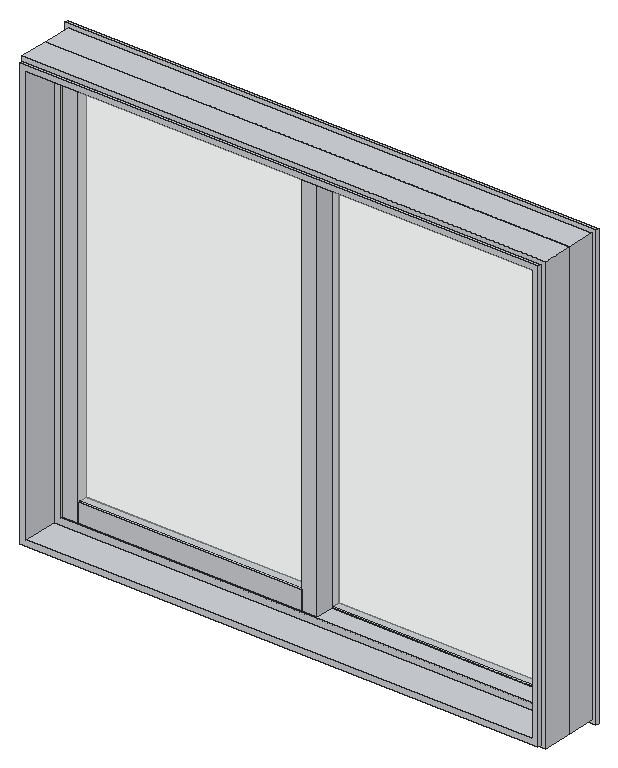
Revit family "APL Residential Thermal Heart Sliding Window SF", category Windows, host Wall, Revit 2017
Family settings
  Host = Wall
  OmniClass Number = 23.30.20.00
  OmniClass Title = Windows
  Always vertical = Yes
  Cut with Voids When Loaded = No
  Shared = No
  Room Calculation Point = No
Parameters (values of type "Liner")
  Rough Width = 1800 mm
  Rough Height = 1500 mm
  Reveal Liner = yes
  Liner Sill = yes
  Liner Head = yes
  Liner [instance] = 100.6 mm
  Length [instance] = ((Rough Width / 2) - 350 mm) / 2  # 275 mm
  Jamb Liner 2 = yes
  Jamb Liner 1 = yes
  Height = Rough Height - 15 mm  # 1485 mm
  Groove = 10 mm
  Frame Width = 12.4 mm
  Frame Projection Int. = 20 mm
  Frame Projection Ext. = 14 mm
  Liner End = 10 mm
  Default Sill Height = 900 mm
  Wall Closure = By host
  Width = Rough Width - 15 mm  # 1785 mm
  Arrow Opening = yes
  Architrave = no
  Analytic Construction = "<None>"
Reference planes
  plane 1 "Center (Front/Back)": y = 0
  plane 2 "Center (Left/Right)": x = 12.5
  plane 3 "Left": x = -887.5
  plane 4 "Right": x = 912.5
  plane 5 "Sill": z = 900
  plane 6 "Head": z = 2400
  plane 7 "Exterior": y = 100
  plane 8 "Interior": y = -100
Forms (mm)
  Extrusion 1, solid, visible <- "Architrave"
    sketch origin (-5003.629, -100, 0) x (1, 0, 0) y (0, 0, 1)
      loop
        line (4144.129, 2371.896) -> (4144.129, 928.104) -> (5888.129, 928.104) -> (5888.129, 2371.896) -> (4144.129, 2371.896)
      loop
        line (4103.629, 2412.5) -> (4103.629, 887.5) -> (5928.629, 887.5) -> (5928.629, 2412.5) -> (4103.629, 2412.5)
    from 0 to 20 <- "Frame Projection Int."
  Extrusion 2, solid, visible <- "Architrave"
    sketch origin (0, -100, 0) x (1, 0, 0) y (0, 0, 1)
      loop
        line (-887.5, 2400) -> (-887.5, 900) -> (912.5, 900) -> (912.5, 2400) -> (-887.5, 2400)
      loop
        line (-859.5, 2372) -> (-859.5, 928) -> (884.5, 928) -> (884.5, 2372) -> (-859.5, 2372)
    from 0 to -103.308
  Sweep 3, solid, visible <- "Reveal Liner"
    path origin (0, -100, 0) x (1, 0, 0) y (0, 0, 1)
      loop
        line (-887.5, 2400) -> (-887.5, 900) -> (912.5, 900) -> (912.5, 2400) -> (-887.5, 2400)
    profile origin (-887.5, -100, 1650) x (-1, 0, 0) y (0, -1, 0)
      loop
        line (0, 0) -> (-15, 0) -> (-15, 10) -> (-9.435, 10) -> (-9.435, 20) -> (-28, 20) -> (-28, -103.308) -> (0, -103.308) -> (0, 0)
  Extrusion 4, solid
    sketch origin (0, 0, 0) x (1, 0, 0) y (0, 1, 0)
      loop
        line (-837, 9.95) -> (-783.733, 9.95) -> (-783.733, 45.951) -> (-837, 45.951) -> (-837, 9.95)
    from 950.5 to 2349.5
  Extrusion 5, solid
    sketch origin (0, 0, 0) x (1, 0, 0) y (0, 1, 0)
      loop
        line (-783.733, 40.65) -> (-783.733, 16.65) -> (-14.08, 16.65) -> (-14.08, 40.65) -> (-783.733, 40.65)
    from 1015 to 2285
  Extrusion 6, solid
    sketch origin (0, 0, 0) x (1, 0, 0) y (0, 1, 0)
      loop
        line (18.881, 73.75) -> (18.881, 118.35) -> (-14.08, 118.35) -> (-14.08, 73.75) -> (18.881, 73.75)
    from 931.5 to 2368.5
  Sweep 7, solid
    path origin (0, 100, 0) x (1, 0, 0) y (0, 0, 1)
      loop
        line (912.5, 2400) -> (-887.5, 2400) -> (-887.5, 900) -> (912.5, 900) -> (912.5, 2400)
    profile origin (-887.5, 100, 1650) x (0, -1, 0) y (1, 0, 0)
      loop
        line (0, 0) -> (96.692, 0) -> (96.692, 50.5) -> (26.25, 50.5) -> (26.25, 31.5) -> (-18.35, 31.5) -> (-18.35, 8.5) -> (-12.35, 2.5) -> (-12.35, -12.5) -> (0, -12.5) -> (0, 0)
  Extrusion 8, solid
    sketch origin (0, 0, 0) x (1, 0, 0) y (0, 1, 0)
      loop
        line (38.415, 102.85) -> (38.415, 78.85) -> (862, 78.85) -> (862, 102.85) -> (38.415, 102.85)
    from 950.5 to 2349.5
  Sweep 9, solid
    path origin (0, 100, 0) x (1, 0, 0) y (0, 0, 1)
      loop
        line (881, 2368.5) -> (18.881, 2368.5) -> (18.881, 931.5) -> (881, 931.5) -> (881, 2368.5)
    profile origin (881, 100, 1650) x (-1, 0, 0) y (0, -1, 0)
      loop
        line (19, 26.25) -> (0, 26.25) -> (0, -18.296) -> (4.668, -18.296) -> (19, -3.964) -> (19, 26.25)
  Extrusion 10, solid
    sketch origin (-887.5, 0, 0) x (0, -1, 0) y (0, 0, 1)
      loop
        line (-9.9, 2349.5) -> (-44.65, 2349.5) -> (-44.65, 2285) -> (-9.9, 2285) -> (-9.9, 2349.5)
    from -873.42 to -103.767
  Sweep 11, solid
    path origin (0, 100, 0) x (1, 0, 0) y (0, 0, 1)
      loop
        line (-14.119, 2368.5) -> (-856, 2368.5) -> (-856, 931.5) -> (-14.119, 931.5)
    profile origin (-856, 100, 1650) x (0, -1, 0) y (1, 0, 0)
      loop
        line (-18.35, 0) -> (26.25, 0) -> (26.25, 19) -> (24.299, 19) -> (-18.35, 1.334) -> (-18.35, 0)
  Extrusion 12, solid
    sketch origin (0, 0, 0) x (1, 0, 0) y (0, 1, 0)
      loop
        line (-783.733, 45.951) -> (-783.733, 9.9) -> (-14.08, 9.9) -> (-14.08, 45.951) -> (-783.733, 45.951)
    from 950.5 to 1015
  Extrusion 13, solid
    sketch origin (0, -63.85, 0) x (1, 0, 0) y (0, 1, 0)
      loop
        line (38.415, 73.75) -> (38.415, 137.6) -> (-14.08, 137.6) -> (-14.08, 73.75) -> (38.415, 73.75)
    from 931.5 to 2349.5
Cuts and joins
  joined: Extrusion 1, Extrusion 2
  joined: Sweep 7, Sweep 11
Lines and regions (mm)
  Opening 1
    outline origin (3496.371, -100, 0) x (1, 0, 0) y (0, 0, 1)
      loop
        line (-2583.871, 900) -> (-2583.871, 2400) -> (-4383.871, 2400) -> (-4383.871, 900) -> (-2583.871, 900)
  Masking region 1
    outline origin (0, 0, 0) x (1, 0, 0) y (0, 1, 0)
      loop
        line (-14.08, 73.75) -> (38.415, 73.75) -> (38.415, 104.613) -> (24.677, 118.35) -> (-14.08, 118.35) -> (-14.08, 73.75)
  Masking region 2
    outline origin (-887.5, 100, 900) x (0, -1, 0) y (1, 0, 0)
      loop
        line (-3.964, 1749.5) -> (96.692, 1749.5) -> (96.692, 1800) -> (0, 1800) -> (0, 1812.5) -> (-12.35, 1812.5) -> (-12.35, 1797.5) -> (-18.35, 1791.5) -> (-18.35, 1763.886) -> (-3.964, 1749.5)
  symbolic lines, style "WindowsOpeningProjection", visible <- "Arrow Opening"
    curve 1: line (-515.834, 133.091, 0) -> (-165.834, 133.091, 0)
    curve 2: line (-165.834, 133.091, 0) -> (-262.426, 158.973, 0)
    curve 3: line (-612.5, 100, 1650) -> (-262.5, 100, 1650)
    curve 4: line (-262.5, 100, 1650) -> (-320.456, 100, 1665.529)
Text (mm)
  text "EXTERIOR" at (-1963.203, 1332.353, 0), in view "Ref. Level"
  text "INTERIOR" at (-1981.466, -818.386, 0), in view "Ref. Level"
  text "Exterior" at (0, 923.751, 2943.296), in view "Right"
  text "Exterior" at (0, 1040.484, 2685.409), in view "Left"
Dimensions and locks
  equal spacing: plane 3 "Left", plane 2 "Center (Left/Right)", plane 4 "Right"
  "Rough Width": plane 3 "Left" to plane 4 "Right"
  "Rough Height": plane 5 "Sill" to plane 6 "Head"
  "Default Sill Height": plane 5 "Sill" to level
  locked: plane 7 "Exterior" to host wall at 0
  locked: plane 8 "Interior" to host wall
  locked: curve 1 to curve 1 at 350
  curve 2 to curve 2 = 100 mm
  locked: curve 4 to curve 4 at 60
  locked: cut or joined group of Extrusion 1, Extrusion 2 to cut or joined group of Extrusion 1, Extrusion 2 at 28
  nested 2 to plane 4 "Right" = 7.5 mm
  locked: plane 3 "Left" to nested 2 at 7.5
  locked: plane 7 "Exterior" to Sweep 3 at 96.692  (x3)
  locked: Extrusion 4 to Sweep 3 at 6.642
  locked: host wall to Extrusion 10 at 55.35
  locked: Extrusion 10 to Extrusion 10 at 34.75
  Extrusion 4 to Extrusion 5 to Extrusion 5 to Extrusion 4 = 5.301 mm locked, 24 mm locked, 6.7 mm locked
  locked: Extrusion 6 to plane 2 "Center (Left/Right)" at 26.58
  Extrusion 4 to Extrusion 4 to Sweep 3 = 36.001 mm locked, 6.642 mm locked
  locked: Extrusion 12 to Extrusion 12 at 36.051
  locked: Extrusion 12 to Sweep 3 at 6.592
  equal spacing: plane 5 "Sill", curve 3, plane 6 "Head"
  "Length": plane 3 "Left" to curve 3
  "Length": curve 3 to plane 2 "Center (Left/Right)"
  locked: curve 3 to curve 3 at 350
  locked: Extrusion 8 to plane 6 "Head" at 50.5
  locked: Extrusion 5 to plane 6 "Head" at 115
  locked: Extrusion 4 to plane 6 "Head" at 50.5
  locked: Extrusion 6 to plane 6 "Head" at 31.5
  Extrusion 13 to plane 2 "Center (Left/Right)" to Extrusion 13 = 26.58 mm locked, 25.915 mm locked
  locked: plane 6 "Head" to Extrusion 13 at 50.5
  locked: plane 5 "Sill" to nested 1 at 8.176
  angle curve 2 to curve 1 = 15.00°
  locked: curve 3 to curve 4 (angle 15.00°)
  aligned and locked: Extrusion 2 sketch curve to host wall  (x2)
  aligned and locked: host wall to Extrusion 2 sketch curve
  aligned and locked: plane 6 "Head" to Sweep 3 sketch curve
  aligned and locked: Sweep 3 sketch curve to plane 3 "Left"  (x2)
  aligned and locked: Sweep 3 sketch curve to plane 5 "Sill"
  aligned and locked: plane 4 "Right" to Sweep 3 sketch curve
  aligned and locked: Sweep 3 sketch curve to host wall
  aligned and locked: Opening 1 sketch curve to plane 4 "Right"
  aligned and locked: Sweep 3 sketch curve to cut or joined group of Extrusion 1, Extrusion 2
  aligned and locked: Extrusion 2 to Sweep 3
  aligned and locked: Sweep 7 to Extrusion 6
  aligned and locked: Masking region 2 to cut or joined group of Extrusion 1, Extrusion 2
  aligned and locked: Extrusion 12 to Extrusion 5  (x2)
  aligned and locked: Extrusion 12 to Extrusion 4  (x2)
  aligned and locked: host wall to Extrusion 2
  aligned and locked: Extrusion 2 to cut or joined group of Sweep 7, Sweep 11
  aligned and locked: Masking region 1 to Extrusion 6  (x3)
  aligned and locked: Masking region 1 to Extrusion 8
  aligned and locked: Extrusion 10 to Extrusion 5
  aligned and locked: Extrusion 12 to Extrusion 6
  aligned and locked: cut or joined group of Sweep 7, Sweep 11 to Masking region 2
  aligned and locked: cut or joined group of Sweep 7, Sweep 11 to Masking region 2 sketch curve
  aligned and locked: Masking region 2 sketch curve to cut or joined group of Sweep 7, Sweep 11  (x3)
  aligned and locked: Masking region 2 sketch curve to host wall
  aligned and locked: Masking region 2 sketch curve to plane 4 "Right"
  aligned and locked: Extrusion 5 to Extrusion 12
  aligned and locked: Extrusion 10 to Extrusion 4
  aligned and locked: Extrusion 5 to Extrusion 10
  aligned and locked: plane 8 "Interior" to Extrusion 2
  aligned and locked: Extrusion 1 to host wall
  aligned and locked: Extrusion 2 to Extrusion 1
  aligned and locked: Extrusion 1 to Extrusion 2
  aligned and locked: Extrusion 13 to Extrusion 6
  aligned and locked: Extrusion 13 to Extrusion 8
  aligned and locked: Extrusion 12 to Extrusion 13
  aligned and locked: Extrusion 6 to Extrusion 13
  aligned and locked: Extrusion 13 to Sweep 9
  aligned and locked: Masking region 1 to cut or joined group of Sweep 7, Sweep 11
  aligned and locked: nested 2 to Masking region 1
Automatic sketch dimensions
  plane 3 "Left" to Opening 1 sketch curve = 0 mm
  Opening 1 sketch curve to plane 5 "Sill" = 0 mm
  Opening 1 sketch curve to plane 6 "Head" = 0 mm
  plane 3 "Left" to Extrusion 1 sketch curve = 12.5 mm
  Extrusion 1 sketch curve to plane 3 "Left" = 28 mm
  plane 4 "Right" to Extrusion 1 sketch curve = 28 mm
  Extrusion 1 sketch curve to plane 4 "Right" = 12.5 mm
  plane 5 "Sill" to Extrusion 1 sketch curve = 12.5 mm
  Extrusion 1 sketch curve to plane 5 "Sill" = 28.104 mm
  plane 6 "Head" to Extrusion 1 sketch curve = 28.104 mm
  Extrusion 1 sketch curve to plane 6 "Head" = 12.5 mm
  plane 4 "Right" to Extrusion 2 sketch curve = 0 mm
  Extrusion 2 sketch curve to plane 3 "Left" = 28 mm
  plane 4 "Right" to Extrusion 2 sketch curve = 28 mm
  Extrusion 2 sketch curve to plane 5 "Sill" = 28 mm
  plane 6 "Head" to Extrusion 2 sketch curve = 28 mm
  host wall to curve 2 = 33.091 mm
  plane 2 "Center (Left/Right)" to curve 2 = 178.334 mm
  profile plane to Sweep 3 sketch curve = 9.435 mm
  Sweep 3 sketch curve to Sweep 3 sketch curve = 5.565 mm
  Sweep 3 sketch curve to Sweep 3 sketch curve = 28 mm
  plane 8 "Interior" to Sweep 3 sketch curve = 10 mm
  Sweep 3 sketch curve to Sweep 3 sketch curve = 10 mm
  Extrusion 4 sketch curve to plane 3 "Left" = 50.5 mm
  Extrusion 4 sketch curve to Extrusion 4 sketch curve = 53.267 mm
  Extrusion 4 sketch curve to host wall = 9.95 mm
  Extrusion 4 sketch curve to Extrusion 4 sketch curve = 36.001 mm
  Extrusion 5 sketch curve to host wall = 16.65 mm
  Extrusion 5 sketch curve to plane 3 "Left" = 103.767 mm
  plane 2 "Center (Left/Right)" to Extrusion 5 sketch curve = 26.58 mm
  Extrusion 5 sketch curve to Extrusion 5 sketch curve = 24 mm
  plane 2 "Center (Left/Right)" to Extrusion 6 sketch curve = 26.58 mm
  Extrusion 6 sketch curve to plane 2 "Center (Left/Right)" = 6.381 mm
  Extrusion 6 sketch curve to host wall = 26.25 mm
  host wall to Extrusion 6 sketch curve = 18.35 mm
  plane 3 "Left" to Sweep 7 sketch curve = 0 mm
  plane 4 "Right" to Sweep 7 sketch curve = 0 mm
  Sweep 7 sketch curve to plane 5 "Sill" = 0 mm
  Sweep 7 sketch curve to plane 6 "Head" = 0 mm
  plane 7 "Exterior" to Sweep 7 sketch curve = 0 mm
  Sweep 7 sketch curve to profile plane = 0 mm
  Sweep 7 sketch curve to profile plane = 2.5 mm
  Sweep 7 sketch curve to plane 7 "Exterior" = 12.35 mm
  Sweep 7 sketch curve to plane 7 "Exterior" = 18.35 mm
  plane 7 "Exterior" to Sweep 7 sketch curve = 26.25 mm
  Sweep 7 sketch curve to Sweep 7 sketch curve = 70.442 mm
  profile plane to Sweep 7 sketch curve = 12.5 mm
  Sweep 7 sketch curve to Sweep 7 sketch curve = 6 mm
  Sweep 7 sketch curve to Sweep 7 sketch curve = 23 mm
  Sweep 7 sketch curve to Sweep 7 sketch curve = 19 mm
  Extrusion 8 sketch curve to plane 2 "Center (Left/Right)" = 25.915 mm
  Extrusion 8 sketch curve to host wall = 21.15 mm
  plane 4 "Right" to Extrusion 8 sketch curve = 50.5 mm
  host wall to Extrusion 8 sketch curve = 2.85 mm
  Sweep 9 sketch curve to plane 2 "Center (Left/Right)" = 6.381 mm
  plane 4 "Right" to Sweep 9 sketch curve = 31.5 mm
  Sweep 9 sketch curve to plane 5 "Sill" = 31.5 mm
  plane 6 "Head" to Sweep 9 sketch curve = 31.5 mm
  Sweep 9 sketch curve to profile plane = 0 mm
  Sweep 9 sketch curve to Sweep 9 sketch curve = 4.668 mm
  Sweep 9 sketch curve to plane 7 "Exterior" = 3.964 mm
  Sweep 9 sketch curve to profile plane = 19 mm
  Sweep 9 sketch curve to plane 7 "Exterior" = 18.296 mm
  plane 7 "Exterior" to Sweep 9 sketch curve = 26.25 mm
  Extrusion 10 sketch curve to host wall = 44.65 mm
  Extrusion 10 sketch curve to host wall = 9.9 mm
  plane 6 "Head" to Extrusion 10 sketch curve = 115 mm
  plane 6 "Head" to Extrusion 10 sketch curve = 50.5 mm
  Sweep 11 sketch curve to plane 3 "Left" = 31.5 mm
  Sweep 11 sketch curve to plane 5 "Sill" = 31.5 mm
  plane 6 "Head" to Sweep 11 sketch curve = 31.5 mm
  plane 2 "Center (Left/Right)" to Sweep 11 sketch curve = 26.619 mm  (x2)
  profile plane to Sweep 11 sketch curve = 0 mm
  Sweep 11 sketch curve to plane 7 "Exterior" = 18.35 mm
  plane 7 "Exterior" to Sweep 11 sketch curve = 24.299 mm
  Sweep 11 sketch curve to Sweep 11 sketch curve = 1.951 mm
  Sweep 11 sketch curve to profile plane = 1.334 mm
  Sweep 11 sketch curve to profile plane = 19 mm
  plane 2 "Center (Left/Right)" to Masking region 1 sketch curve = 26.58 mm
  Masking region 1 sketch curve to plane 2 "Center (Left/Right)" = 12.177 mm
  Masking region 1 sketch curve to plane 2 "Center (Left/Right)" = 25.915 mm
  Masking region 1 sketch curve to host wall = 26.25 mm
  host wall to Masking region 1 sketch curve = 4.613 mm
  host wall to Masking region 1 sketch curve = 18.35 mm
  host wall to Masking region 2 sketch curve = 3.964 mm
  Masking region 2 sketch curve to host wall = 3.308 mm
  Masking region 2 sketch curve to Masking region 2 sketch curve = 14.386 mm
  plane 4 "Right" to Masking region 2 sketch curve = 8.5 mm
  plane 4 "Right" to Masking region 2 sketch curve = 2.5 mm
  Extrusion 12 sketch curve to host wall = 9.9 mm
  Extrusion 12 sketch curve to plane 3 "Left" = 103.767 mm
  plane 2 "Center (Left/Right)" to Extrusion 12 sketch curve = 26.58 mm
  Extrusion 12 sketch curve to Extrusion 12 sketch curve = 36.051 mm
  Extrusion 13 sketch curve to host wall = 9.9 mm
  plane 2 "Center (Left/Right)" to Extrusion 13 sketch curve = 26.58 mm
  Extrusion 13 sketch curve to plane 2 "Center (Left/Right)" = 25.915 mm
  Extrusion 13 sketch curve to Extrusion 13 sketch curve = 63.85 mm
Nested families
  nested 1: "APL Residential Thermal Heart Sliding Window SF Vertical Section" at (-14.08, -277.596, 1031.573) x (0, -1, 0) z (-1, 0, 0), Box Height <- "Height", Groove <- "Groove", Liner End <- "Liner End", Liner <- "Liner", type "Groove"
    with Liner End 10 mm, Liner 100.6 mm, Groove 10 mm, Glass Length Fixed 1267.1 mm, Glass Length 1267.1 mm, Box Height 1485 mm
  nested 2: "APL Residential Thermal Heart Sliding Window SF Horizontal Section" at (404.917, 157.796, 900) x (-1, 0, 0) z (0, 0, 1), Box Width <- "Width", Liner <- "Liner", Groove <- "Groove", Liner End <- "Liner End", type "Groove"
    with Liner End 10 mm, Liner 100.6 mm, Groove 10 mm, Glass Length 796.5 mm, Glass Fixed Length 848.5 mm, Box Width 1785 mm
Definition of nested family "APL Residential Thermal Heart Sliding Window SF Vertical Section"
  Parameters (values of type "Groove")
    Sill Liner = yes
    Liner End [instance] = 10 mm
    Liner Block = Liner : Liner
    Liner [instance] = 100 mm
    Head Liner = yes
    Groove [instance] = 10 mm
    Glass Length Fixed [instance] = Box Height - 217.9 mm  # 282.1 mm
    Glass Length [instance] = Box Height - 217.9 mm  # 282.1 mm
    Box Height [instance] = 500 mm
  Types (2, lengths in mm): name | Liner Block
    No Groove | Liner No Groove : Liner No Groove
    Groove | Liner : Liner
  Reference planes
    plane 1 "Center (Front/Back)": x = -337.446
    plane 2: z = 0
    plane 3 "Center (Left/Right)": y = 126.603
    plane 4: y = 376.603
    plane 5: y = -123.397
    plane 6: x = -284.446
    plane 7: x = -284.446
    plane 8: x = -377.596
    plane 9: y = -128.397
  Dimensions and locks
    equal spacing: plane 4, plane 3 "Center (Left/Right)", plane 5
    "Box Height": plane 4 to plane 5
    "Liner": plane 6 to nested 1
    "Liner": plane 7 to nested 2
    locked: nested 3 to plane 4 at 92
    plane 5 to nested 4 = 92.46 mm
    locked: nested 7 to nested 5 at 6.328
    locked: nested 5 to plane 4 at 30.328
    locked: nested 3 to nested 7 at 6
    locked: nested 6 to nested 4 at 5.96
    locked: nested 6 to nested 8 at 6.328
    locked: plane 5 to nested 8 at 30.328
    locked: nested 7 to nested 1 at 22.396
    locked: nested 2 to nested 6 at 22.397
    aligned and locked: plane 7 to nested 2
  Nested families
    nested 1: "Liner" at (-284.446, 355.999, 0), type <- "Liner Block", visible <- "Head Liner", type "Liner", in view "Left", detail levels fine
      with built-in parameter 1001306 0.32808 (stored number, unit not read)
    nested 2: "Liner" at (-284.446, -102.794, 0), type <- "Liner Block", visible <- "Sill Liner", type "Liner", in view "Left", detail levels fine
      with built-in parameter 1001306 0.32808 (stored number, unit not read)
    nested 3: "Glass" at (-318.298, 284.602, 0), Glass Lenght <- "Glass Length", type "Glass", in view "Left", detail levels fine
      with Glass Lenght 282.1 mm
    nested 4: "Glass" at (-318.298, -30.937, 0), Glass Lenght <- "Glass Length", type "Glass", in view "Left", detail levels fine
      with Glass Lenght 282.1 mm
    nested 5: "Glazing Bead" at (-379.977, 346.275, 0), Glass Lenght <- "Glass Length Fixed", type "Glazing Bead", in view "Left", detail levels fine
      with Glass Lenght 282.1 mm
    nested 6: "Two Panel Sill" at (-308.917, -123.397, 0), type "Two Panel Sill", in view "Left", detail levels fine
    nested 7: "Two Panel Head" at (-395.946, 376.603, 0), type "Two Panel Head", in view "Left", detail levels fine
    nested 8: "Glazing Bead" at (-379.977, -93.07, 0), Glass Lenght <- "Glass Length Fixed", type "Glazing Bead", in view "Left", detail levels fine
      with Glass Lenght 282.1 mm
  Definition of nested family "Liner"
    Parameters (values of type "Liner")
      Type Image = (empty or 0)
      built-in parameter 1001306 [instance] = 100 mm
      Groove [instance] = 10 mm
      End Liner [instance] = 10 mm
    Reference planes
      plane 1 "Center (Front/Back)": y = 0
      plane 2: z = 0
      plane 3 "Left": x = 0
      plane 4 "Right": x = 100
    Lines and regions (mm)
      Filled region 1, type "Brick", in view "Ref. Level"
        outline origin (0, 0, 0) x (1, 0, 0) y (0, 1, 0)
          loop
            line (0, 0) -> (120, 0) -> (120, 19) -> (110, 19) -> (110, 13.435) -> (100, 13.435) -> (100, 19) -> (0, 19) -> (0, 0)
      reference lines, in view "Ref. Level"
        curve 1: line (0, 0, 0) -> (100, 0, 0)
      detail lines, in view "Ref. Level", detail levels fine
        curve 2: line (100, 0, 0) -> (0, 0, 0)
    Dimensions and locks
      "built-in parameter 1001306": plane 3 "Left" to plane 4 "Right"
      locked: Filled region 1 to curve 2 at 19
      "Groove": plane 4 "Right" to Filled region 1
      "End Liner": Filled region 1 to Filled region 1
      aligned and locked: plane 1 "Center (Front/Back)" to curve 1
      aligned and locked: plane 3 "Left" to curve 1
      aligned and locked: plane 4 "Right" to curve 1
      aligned and locked: curve 1 to Filled region 1
      aligned and locked: plane 1 "Center (Front/Back)" to Filled region 1
      aligned and locked: Filled region 1 to plane 3 "Left"
    Automatic sketch dimensions
      curve 2 to plane 4 "Right" = 0 mm
      Filled region 1 sketch curve to plane 3 "Left" = 0 mm
      Filled region 1 sketch curve to plane 4 "Right" = 0 mm
      Filled region 1 sketch curve to Filled region 1 sketch curve = 10 mm  (x2)
      Filled region 1 sketch curve to plane 1 "Center (Front/Back)" = 0 mm
      Filled region 1 sketch curve to plane 1 "Center (Front/Back)" = 13.435 mm
      Filled region 1 sketch curve to Filled region 1 sketch curve = 5.565 mm  (x2)
      curve 2 to plane 3 "Left" = 0 mm
  Definition of nested family "Glass"
    Parameters (values of type "Glass")
      Glass Lenght [instance] = 50 mm
    Reference planes
      plane 1 "Center (Front/Back)": y = 0
      plane 2: z = 0
      plane 3 "Center (Left/Right)": x = 0
      plane 4: y = -50
    Lines and regions (mm)
      Filled region 1, type "Solid Fill - Black", in view "Ref. Level"
        outline origin (0, 0, 0) x (1, 0, 0) y (0, 1, 0)
          loop
            line (4, 0) -> (4, -12) -> (20, -12) -> (20, 0) -> (4, 0)
      model lines, in view "Ref. Level"
        curve 1: line (4, -12, 0) -> (20, -12, 0)
        curve 2: line (0, -50, 0) -> (0, 0, 0)
        curve 3: line (0, 0, 0) -> (24, 0, 0)
        curve 4: line (24, 0, 0) -> (24, -50, 0)
        curve 5: line (20, 0, 0) -> (20, -50, 0)
        curve 6: line (4, 0, 0) -> (4, -50, 0)
      detail lines, in view "Ref. Level"
        curve 7: arc (25, -11.728, 0) -> (24.979, -11.828, 0) -> (24.92, -11.912, 0) r 0.25
        curve 8: arc (24.161, -12.614, 0) -> (24.042, -12.78, 0) -> (24, -12.981, 0) r 0.5
        curve 9: arc (24, -14.404, 0) -> (24.088, -14.594, 0) -> (24.289, -14.651, 0) r 0.25
        curve 10: arc (28.489, -13.997, 0) -> (28.647, -13.904, 0) -> (28.699, -13.728, 0) r 0.25
        curve 11: arc (27.5, -9.1, 0) -> (27.711, -8.984, 0) -> (27.727, -8.744, 0) r 0.25
        curve 12: arc (26.033, -5.114, 0) -> (25.642, -4.858, 0) -> (25.24, -5.095, 0) r 0.442
        curve 13: arc (24.864, -5.812, 0) -> (24.414, -6.357, 0) -> (24.052, -6.964, 0) r 4.62
        curve 14: arc (24.052, -6.964, 0) -> (24.013, -7.073, 0) -> (24, -7.187, 0) r 0.5
        curve 15: arc (24, -7.743, 0) -> (24.132, -7.931, 0) -> (24.353, -7.871, 0) r 0.2
        curve 16: arc (24.353, -7.871, 0) -> (24.514, -7.711, 0) -> (24.702, -7.581, 0) r 1.262
        curve 17: arc (24.702, -7.581, 0) -> (24.901, -7.583, 0) -> (25, -7.756, 0) r 0.2
        curve 18: arc (25, -8.353, 0) -> (24.962, -8.543, 0) -> (24.855, -8.705, 0) r 0.5
        curve 19: arc (24.855, -8.705, 0) -> (24.408, -9.237, 0) -> (24.051, -9.833, 0) r 4.3
        curve 20: arc (24.051, -9.833, 0) -> (24.013, -9.941, 0) -> (24, -10.054, 0) r 0.5
        curve 21: arc (24, -10.668, 0) -> (24.137, -10.858, 0) -> (24.361, -10.787, 0) r 0.2
        curve 22: arc (24.361, -10.787, 0) -> (24.512, -10.617, 0) -> (24.69, -10.476, 0) r 1.288
        curve 23: arc (24.69, -10.476, 0) -> (24.895, -10.467, 0) -> (25, -10.643, 0) r 0.2
        curve 24: line (24.92, -11.912, 0) -> (24.161, -12.614, 0)
        curve 25: line (24, -12.981, 0) -> (24, -14.404, 0)
        curve 26: line (24.289, -14.651, 0) -> (28.489, -13.997, 0)
        curve 27: line (28.699, -13.728, 0) -> (28.548, -12, 0)
        curve 28: line (28.548, -12, 0) -> (27, -12, 0)
        curve 29: line (27, -12, 0) -> (27, -9.1, 0)
        curve 30: line (27, -9.1, 0) -> (27.5, -9.1, 0)
        curve 31: line (27.727, -8.744, 0) -> (26.033, -5.114, 0)
        curve 32: line (25.24, -5.095, 0) -> (24.864, -5.812, 0)
        curve 33: line (24, -7.187, 0) -> (24, -7.743, 0)
        curve 34: line (25, -7.756, 0) -> (25, -8.353, 0)
        curve 35: line (24, -10.054, 0) -> (24, -10.668, 0)
        curve 36: line (25, -10.643, 0) -> (25, -11.728, 0)
        curve 87: arc (-0.25, -13, 0) -> (0, -12.75, 0) -> (-0.25, -12.5, 0) r 0.25
        curve 88: arc (-0.25, -9.45, 0) -> (0, -9.2, 0) -> (-0.25, -8.95, 0) r 0.25
        curve 89: arc (-0.25, -8.281, 0) -> (0, -8.031, 0) -> (-0.25, -7.781, 0) r 0.25
        curve 90: arc (-0.25, -7.113, 0) -> (0, -6.863, 0) -> (-0.25, -6.613, 0) r 0.25
        curve 91: line (-0.25, -5.444, 0) -> (-1, -5.444, 0)
        curve 92: line (-1, -5.444, 0) -> (-1, -9.45, 0)
        curve 93: line (-1, -9.45, 0) -> (-2.2, -9.45, 0)
        curve 94: line (-2.2, -9.45, 0) -> (-2.2, -8.7, 0)
        curve 95: line (-2.2, -8.7, 0) -> (-2.8, -8.7, 0)
        curve 96: line (-2.8, -8.7, 0) -> (-2.8, -11.8, 0)
        curve 97: line (-2.8, -11.8, 0) -> (-2.2, -11.8, 0)
        curve 98: line (-2.2, -11.8, 0) -> (-2.2, -11.05, 0)
        curve 99: line (-2.2, -11.05, 0) -> (-1, -11.05, 0)
        curve 100: line (-1, -11.05, 0) -> (-1, -13, 0)
        curve 101: line (-1, -13, 0) -> (-0.25, -13, 0)
        curve 102: line (-0.25, -12.5, 0) -> (-0.25, -9.45, 0)
        curve 103: line (-0.25, -8.95, 0) -> (-0.25, -8.281, 0)
        curve 104: line (-0.25, -7.781, 0) -> (-0.25, -7.113, 0)
        curve 105: line (-0.25, -6.613, 0) -> (-0.25, -5.944, 0)
        curve 106: arc (-0.25, -5.944, 0) -> (0, -5.694, 0) -> (-0.25, -5.444, 0) r 0.25
      detail lines, in view "Ref. Level", not visible
        curve 37: arc (-0.25, -4.9, 0) -> (0, -5.15, 0) -> (-0.25, -5.4, 0) r 0.25
        curve 38: arc (-0.25, -8.45, 0) -> (0, -8.7, 0) -> (-0.25, -8.95, 0) r 0.25
        curve 39: arc (-0.25, -9.619, 0) -> (0, -9.869, 0) -> (-0.25, -10.119, 0) r 0.25
        curve 40: arc (-0.25, -10.787, 0) -> (0, -11.037, 0) -> (-0.25, -11.287, 0) r 0.25
        curve 41: line (-0.25, -12.456, 0) -> (-1, -12.456, 0)
        curve 42: line (-1, -12.456, 0) -> (-1, -8.45, 0)
        curve 43: line (-1, -8.45, 0) -> (-2.2, -8.45, 0)
        curve 44: line (-2.2, -8.45, 0) -> (-2.2, -9.2, 0)
        curve 45: line (-2.2, -9.2, 0) -> (-2.8, -9.2, 0)
        curve 46: line (-2.8, -9.2, 0) -> (-2.8, -6.1, 0)
        curve 47: line (-2.8, -6.1, 0) -> (-2.2, -6.1, 0)
        curve 48: line (-2.2, -6.1, 0) -> (-2.2, -6.85, 0)
        curve 49: line (-2.2, -6.85, 0) -> (-1, -6.85, 0)
        curve 50: line (-1, -6.85, 0) -> (-1, -4.9, 0)
        curve 51: line (-1, -4.9, 0) -> (-0.25, -4.9, 0)
        curve 52: line (-0.25, -5.4, 0) -> (-0.25, -8.45, 0)
        curve 53: line (-0.25, -8.95, 0) -> (-0.25, -9.619, 0)
        curve 54: line (-0.25, -10.119, 0) -> (-0.25, -10.787, 0)
        curve 55: line (-0.25, -11.287, 0) -> (-0.25, -11.956, 0)
        curve 56: arc (-0.25, -11.956, 0) -> (0, -12.206, 0) -> (-0.25, -12.456, 0) r 0.25
        curve 57: arc (25, -10.728, 0) -> (24.979, -10.828, 0) -> (24.92, -10.912, 0) r 0.25
        curve 58: arc (24.161, -11.614, 0) -> (24.042, -11.78, 0) -> (24, -11.981, 0) r 0.5
        curve 59: arc (24, -13.404, 0) -> (24.088, -13.594, 0) -> (24.289, -13.651, 0) r 0.25
        curve 60: arc (28.489, -12.997, 0) -> (28.647, -12.904, 0) -> (28.699, -12.728, 0) r 0.25
        curve 61: arc (27.5, -8.1, 0) -> (27.711, -7.984, 0) -> (27.727, -7.744, 0) r 0.25
        curve 62: arc (26.033, -4.114, 0) -> (25.642, -3.858, 0) -> (25.24, -4.095, 0) r 0.442
        curve 63: arc (24.864, -4.812, 0) -> (24.414, -5.357, 0) -> (24.052, -5.964, 0) r 4.62
        curve 64: arc (24.052, -5.964, 0) -> (24.013, -6.073, 0) -> (24, -6.187, 0) r 0.5
        curve 65: arc (24, -6.743, 0) -> (24.132, -6.931, 0) -> (24.353, -6.871, 0) r 0.2
        curve 66: arc (24.353, -6.871, 0) -> (24.514, -6.711, 0) -> (24.702, -6.581, 0) r 1.262
        curve 67: arc (24.702, -6.581, 0) -> (24.901, -6.583, 0) -> (25, -6.756, 0) r 0.2
        curve 68: arc (25, -7.353, 0) -> (24.962, -7.543, 0) -> (24.855, -7.705, 0) r 0.5
        curve 69: arc (24.855, -7.705, 0) -> (24.408, -8.237, 0) -> (24.051, -8.833, 0) r 4.3
        curve 70: arc (24.051, -8.833, 0) -> (24.013, -8.941, 0) -> (24, -9.054, 0) r 0.5
        curve 71: arc (24, -9.668, 0) -> (24.137, -9.858, 0) -> (24.361, -9.787, 0) r 0.2
        curve 72: arc (24.361, -9.787, 0) -> (24.512, -9.617, 0) -> (24.69, -9.476, 0) r 1.288
        curve 73: arc (24.69, -9.476, 0) -> (24.895, -9.467, 0) -> (25, -9.643, 0) r 0.2
        curve 74: line (24.92, -10.912, 0) -> (24.161, -11.614, 0)
        curve 75: line (24, -11.981, 0) -> (24, -13.404, 0)
        curve 76: line (24.289, -13.651, 0) -> (28.489, -12.997, 0)
        curve 77: line (28.699, -12.728, 0) -> (28.548, -11, 0)
        curve 78: line (28.548, -11, 0) -> (27, -11, 0)
        curve 79: line (27, -11, 0) -> (27, -8.1, 0)
        curve 80: line (27, -8.1, 0) -> (27.5, -8.1, 0)
        curve 81: line (27.727, -7.744, 0) -> (26.033, -4.114, 0)
        curve 82: line (25.24, -4.095, 0) -> (24.864, -4.812, 0)
        curve 83: line (24, -6.187, 0) -> (24, -6.743, 0)
        curve 84: line (25, -6.756, 0) -> (25, -7.353, 0)
        curve 85: line (24, -9.054, 0) -> (24, -9.668, 0)
        curve 86: line (25, -9.643, 0) -> (25, -10.728, 0)
    Dimensions and locks
      "Glass Lenght": plane 1 "Center (Front/Back)" to plane 4
      aligned and locked: plane 4 to curve 2
      aligned and locked: plane 1 "Center (Front/Back)" to Filled region 1 sketch curve
      aligned and locked: Filled region 1 sketch curve to curve 6
      aligned and locked: Filled region 1 sketch curve to curve 1
      aligned and locked: Filled region 1 sketch curve to curve 5
    Automatic sketch dimensions
      plane 1 "Center (Front/Back)" to curve 2 = 0 mm
      curve 2 to plane 3 "Center (Left/Right)" = 0 mm
      curve 6 to plane 4 = 0 mm
      curve 5 to plane 4 = 0 mm
      curve 4 to plane 4 = 0 mm
      curve 5 to curve 3 = 4 mm
      curve 1 to curve 1 = 16 mm
      plane 1 "Center (Front/Back)" to curve 1 = 12 mm
      plane 3 "Center (Left/Right)" to curve 6 = 4 mm
  Definition of nested family "Glazing Bead"
    Parameters (values of type "Glazing Bead")
      Glass Lenght [instance] = 50 mm
    Reference planes
      plane 1 "Center (Front/Back)": y = 0
      plane 2: z = 0
      plane 3 "Center (Left/Right)": x = 0
      plane 4: y = -50
    Lines and regions (mm)
      Filled region 1, type "Solid Fill - Black", in view "Ref. Level"
        outline origin (0, 0, 0) x (1, 0, 0) y (0, 1, 0)
          loop
            line (4, 0) -> (4, -12) -> (20, -12) -> (20, 0) -> (4, 0)
      model lines, in view "Ref. Level"
        curve 1: line (4, -12, 0) -> (20, -12, 0)
        curve 2: line (0, -50, 0) -> (0, 0, 0)
        curve 3: line (0, 0, 0) -> (24, 0, 0)
        curve 4: line (24, 0, 0) -> (24, -50, 0)
        curve 5: line (20, 0, 0) -> (20, -50, 0)
        curve 6: line (4, 0, 0) -> (4, -50, 0)
      detail lines, in view "Ref. Level"
        curve 7: arc (-0.25, -4.9, 0) -> (0, -5.15, 0) -> (-0.25, -5.4, 0) r 0.25
        curve 8: arc (-0.25, -8.45, 0) -> (0, -8.7, 0) -> (-0.25, -8.95, 0) r 0.25
        curve 9: arc (-0.25, -9.619, 0) -> (0, -9.869, 0) -> (-0.25, -10.119, 0) r 0.25
        curve 10: arc (-0.25, -10.787, 0) -> (0, -11.037, 0) -> (-0.25, -11.287, 0) r 0.25
        curve 11: line (-0.25, -12.456, 0) -> (-1, -12.456, 0)
        curve 12: line (-1, -12.456, 0) -> (-1, -8.45, 0)
        curve 13: line (-1, -8.45, 0) -> (-2.2, -8.45, 0)
        curve 14: line (-2.2, -8.45, 0) -> (-2.2, -9.2, 0)
        curve 15: line (-2.2, -9.2, 0) -> (-2.8, -9.2, 0)
        curve 16: line (-2.8, -9.2, 0) -> (-2.8, -6.1, 0)
        curve 17: line (-2.8, -6.1, 0) -> (-2.2, -6.1, 0)
        curve 18: line (-2.2, -6.1, 0) -> (-2.2, -6.85, 0)
        curve 19: line (-2.2, -6.85, 0) -> (-1, -6.85, 0)
        curve 20: line (-1, -6.85, 0) -> (-1, -4.9, 0)
        curve 21: line (-1, -4.9, 0) -> (-0.25, -4.9, 0)
        curve 22: line (-0.25, -5.4, 0) -> (-0.25, -8.45, 0)
        curve 23: line (-0.25, -8.95, 0) -> (-0.25, -9.619, 0)
        curve 24: line (-0.25, -10.119, 0) -> (-0.25, -10.787, 0)
        curve 25: line (-0.25, -11.287, 0) -> (-0.25, -11.956, 0)
        curve 26: arc (-0.25, -11.956, 0) -> (0, -12.206, 0) -> (-0.25, -12.456, 0) r 0.25
      detail lines, in view "Ref. Level", not visible
        curve 27: arc (-0.25, -4.9, 0) -> (0, -5.15, 0) -> (-0.25, -5.4, 0) r 0.25
        curve 28: arc (-0.25, -8.45, 0) -> (0, -8.7, 0) -> (-0.25, -8.95, 0) r 0.25
        curve 29: arc (-0.25, -9.619, 0) -> (0, -9.869, 0) -> (-0.25, -10.119, 0) r 0.25
        curve 30: arc (-0.25, -10.787, 0) -> (0, -11.037, 0) -> (-0.25, -11.287, 0) r 0.25
        curve 31: line (-0.25, -12.456, 0) -> (-1, -12.456, 0)
        curve 32: line (-1, -12.456, 0) -> (-1, -8.45, 0)
        curve 33: line (-1, -8.45, 0) -> (-2.2, -8.45, 0)
        curve 34: line (-2.2, -8.45, 0) -> (-2.2, -9.2, 0)
        curve 35: line (-2.2, -9.2, 0) -> (-2.8, -9.2, 0)
        curve 36: line (-2.8, -9.2, 0) -> (-2.8, -6.1, 0)
        curve 37: line (-2.8, -6.1, 0) -> (-2.2, -6.1, 0)
        curve 38: line (-2.2, -6.1, 0) -> (-2.2, -6.85, 0)
        curve 39: line (-2.2, -6.85, 0) -> (-1, -6.85, 0)
        curve 40: line (-1, -6.85, 0) -> (-1, -4.9, 0)
        curve 41: line (-1, -4.9, 0) -> (-0.25, -4.9, 0)
        curve 42: line (-0.25, -5.4, 0) -> (-0.25, -8.45, 0)
        curve 43: line (-0.25, -8.95, 0) -> (-0.25, -9.619, 0)
        curve 44: line (-0.25, -10.119, 0) -> (-0.25, -10.787, 0)
        curve 45: line (-0.25, -11.287, 0) -> (-0.25, -11.956, 0)
        curve 46: arc (-0.25, -11.956, 0) -> (0, -12.206, 0) -> (-0.25, -12.456, 0) r 0.25
        curve 47: arc (62.983, -3.041, 0) -> (62.673, -2.901, 0) -> (62.511, -3.2, 0) r 0.25
        curve 48: arc (62.537, -13.088, 0) -> (62.7, -13.387, 0) -> (63.01, -13.247, 0) r 0.25
        curve 49: line (62.511, -3.2, 0) -> (63.505, -7.068, 0)
        curve 50: line (63.505, -7.068, 0) -> (62.502, -7.647, 0)
        curve 51: line (62.502, -7.647, 0) -> (62.502, -8.647, 0)
        curve 52: line (62.502, -8.647, 0) -> (63.527, -9.239, 0)
        curve 53: line (63.527, -9.239, 0) -> (62.537, -13.088, 0)
        curve 54: line (63.01, -13.247, 0) -> (64.734, -9.147, 0)
        curve 55: line (64.734, -9.147, 0) -> (66.002, -9.147, 0)
        curve 56: line (66.002, -9.147, 0) -> (66.002, -10.397, 0)
        curve 57: line (66.002, -10.397, 0) -> (67.002, -10.397, 0)
        curve 58: line (67.002, -10.397, 0) -> (67.002, -5.897, 0)
        curve 59: line (67.002, -5.897, 0) -> (66.002, -5.897, 0)
        curve 60: line (66.002, -5.897, 0) -> (66.002, -7.147, 0)
        curve 61: line (66.002, -7.147, 0) -> (64.71, -7.147, 0)
        curve 62: line (64.71, -7.147, 0) -> (62.983, -3.041, 0)
    Dimensions and locks
      "Glass Lenght": plane 1 "Center (Front/Back)" to plane 4
      aligned and locked: plane 4 to curve 2
      aligned and locked: plane 1 "Center (Front/Back)" to Filled region 1 sketch curve
      aligned and locked: Filled region 1 sketch curve to curve 6
      aligned and locked: Filled region 1 sketch curve to curve 1
      aligned and locked: Filled region 1 sketch curve to curve 5
    Automatic sketch dimensions
      plane 1 "Center (Front/Back)" to curve 2 = 0 mm
      curve 2 to plane 3 "Center (Left/Right)" = 0 mm
      curve 6 to plane 4 = 0 mm
      curve 5 to plane 4 = 0 mm
      curve 4 to plane 4 = 0 mm
      curve 5 to curve 3 = 4 mm
      plane 3 "Center (Left/Right)" to curve 1 = 4 mm
      curve 6 to curve 5 = 16 mm
      plane 1 "Center (Front/Back)" to curve 1 = 12 mm
    Nested families
      nested 1: "65015_Bead" at (-15.5, 6.328, 0), type "65015_Bead", in view "Ref. Level"
    Definition of nested family "65015_Bead"
      Reference planes
        plane 1 "Center (Front/Back)": y = 0
        plane 2: z = 0
        plane 3 "Center (Left/Right)": x = 0
      Lines and regions (mm)
        model lines, in view "Ref. Level"
          curve 1: arc (13.5, 12.78, 0) -> (13.558, 12.92, 0) -> (13.698, 12.978, 0) r 0.198
          curve 2: arc (14.302, 12.978, 0) -> (14.442, 12.918, 0) -> (14.5, 12.777, 0) r 0.201
          curve 3: arc (14.5, 10.175, 0) -> (14.442, 10.036, 0) -> (14.302, 9.978, 0) r 0.198
          curve 4: arc (13.698, 9.978, 0) -> (13.558, 10.036, 0) -> (13.5, 10.175, 0) r 0.198
          curve 5: arc (13.5, 11.027, 0) -> (13.442, 11.169, 0) -> (13.3, 11.228, 0) r 0.2
          curve 6: arc (12.7, 11.228, 0) -> (11.851, 11.579, 0) -> (11.5, 12.428, 0) r 1.2
          curve 7: arc (11.5, 13.628, 0) -> (11.377, 13.813, 0) -> (11.159, 13.769, 0) r 0.2
          curve 8: arc (1.546, 4.157, 0) -> (1.438, 3.995, 0) -> (1.4, 3.804, 0) r 0.5
          curve 9: arc (1.4, 1.817, 0) -> (1.467, 1.567, 0) -> (1.65, 1.384, 0) r 0.5
          curve 10: arc (10.675, -3.827, 0) -> (10.913, -4.714, 0) -> (10.025, -4.952, 0) r 0.65
          curve 11: arc (3.306, -1.073, 0) -> (2.928, -1.023, 0) -> (2.624, -1.254, 0) r 0.5
          curve 12: arc (2.587, -2.129, 0) -> (2.248, -2.45, 0) -> (1.791, -2.352, 0) r 0.5
          curve 13: arc (1.518, -2.123, 0) -> (1.466, -2.054, 0) -> (1.447, -1.97, 0) r 0.2
          curve 14: arc (1.447, -1.115, 0) -> (1.476, -1.011, 0) -> (1.555, -0.938, 0) r 0.2
          curve 15: arc (1.555, -0.938, 0) -> (1.717, -0.809, 0) -> (1.82, -0.63, 0) r 0.55
          curve 16: arc (1.82, -0.63, 0) -> (1.825, -0.452, 0) -> (1.729, -0.302, 0) r 0.3
          curve 17: arc (0.2, 0, 0) -> (0.059, 0.059, 0) -> (0, 0.2, 0) r 0.2
          curve 18: arc (0, 4.383, 0) -> (0.038, 4.575, 0) -> (0.146, 4.737, 0) r 0.5
          curve 19: arc (14.159, 18.749, 0) -> (14.377, 18.792, 0) -> (14.5, 18.608, 0) r 0.2
          curve 20: arc (14.5, 15.172, 0) -> (14.442, 15.034, 0) -> (14.303, 14.978, 0) r 0.194
          curve 21: arc (13.698, 14.978, 0) -> (13.559, 15.038, 0) -> (13.5, 15.177, 0) r 0.203
          curve 22: arc (13.5, 15.528, 0) -> (13.441, 15.669, 0) -> (13.3, 15.728, 0) r 0.201
          curve 23: arc (12.7, 15.728, 0) -> (12.559, 15.669, 0) -> (12.5, 15.528, 0) r 0.2
          curve 24: arc (12.5, 12.428, 0) -> (12.559, 12.286, 0) -> (12.7, 12.228, 0) r 0.2
          curve 25: line (13.5, 12.428, 0) -> (13.5, 12.78, 0)
          curve 26: line (13.698, 12.978, 0) -> (14.302, 12.978, 0)
          curve 27: line (14.5, 12.777, 0) -> (14.5, 10.175, 0)
          curve 28: line (14.302, 9.978, 0) -> (13.698, 9.978, 0)
          curve 29: line (13.5, 10.175, 0) -> (13.5, 11.027, 0)
          curve 30: line (13.3, 11.228, 0) -> (12.7, 11.228, 0)
          curve 31: line (11.5, 12.428, 0) -> (11.5, 13.628, 0)
          curve 32: line (11.159, 13.769, 0) -> (1.546, 4.157, 0)
          curve 33: line (1.4, 3.804, 0) -> (1.4, 1.817, 0)
          curve 34: line (1.65, 1.384, 0) -> (10.675, -3.827, 0)
          curve 35: line (10.025, -4.952, 0) -> (3.306, -1.073, 0)
          curve 36: line (2.597, -1.355, 0) -> (2.597, -2.065, 0)
          curve 37: line (1.791, -2.352, 0) -> (1.518, -2.123, 0)
          curve 38: line (1.518, -2.123, 0) -> (1.447, -1.115, 0)
          curve 39: line (1.729, -0.302, 0) -> (1.425, -0.047, 0)
          curve 40: line (1.425, -0.047, 0) -> (0.2, 0, 0)
          curve 41: line (0, 0.2, 0) -> (0, 4.383, 0)
          curve 42: line (0.146, 4.737, 0) -> (14.159, 18.749, 0)
          curve 43: line (14.5, 18.608, 0) -> (14.5, 15.172, 0)
          curve 44: line (14.303, 14.978, 0) -> (13.698, 14.978, 0)
          curve 45: line (13.5, 15.177, 0) -> (13.5, 15.528, 0)
          curve 46: line (13.3, 15.728, 0) -> (12.7, 15.728, 0)
          curve 47: line (12.5, 15.528, 0) -> (12.5, 12.428, 0)
          curve 48: line (12.7, 12.228, 0) -> (13.3, 12.228, 0)
          curve 49: arc (13.3, 12.228, 0) -> (13.441, 12.286, 0) -> (13.5, 12.428, 0) r 0.2
      Text (mm)
        text "65015" at (32.01, 10.207, 0), in view "Ref. Level"
  Definition of nested family "Two Panel Sill"
    Parameters (values of type "Two Panel Sill")
      Threshold = yes
    Reference planes
      plane 1 "Center (Front/Back)": y = 0
      plane 2: z = 0
      plane 3 "Center (Left/Right)": x = 0
    Lines and regions (mm)
      detail lines, in view "Ref. Level"
        curve 1: arc (-46.248, 44.356, 0) -> (-46.558, 44.496, 0) -> (-46.72, 44.197, 0) r 0.25
        curve 2: arc (-46.694, 34.309, 0) -> (-46.531, 34.01, 0) -> (-46.221, 34.15, 0) r 0.25
        curve 3: line (-46.72, 44.197, 0) -> (-45.726, 40.329, 0)
        curve 4: line (-45.726, 40.329, 0) -> (-46.729, 39.75, 0)
        curve 5: line (-46.729, 39.75, 0) -> (-46.729, 38.75, 0)
        curve 6: line (-46.729, 38.75, 0) -> (-45.704, 38.158, 0)
        curve 7: line (-45.704, 38.158, 0) -> (-46.694, 34.309, 0)
        curve 8: line (-46.221, 34.15, 0) -> (-44.497, 38.25, 0)
        curve 9: line (-44.497, 38.25, 0) -> (-43.229, 38.25, 0)
        curve 10: line (-43.229, 38.25, 0) -> (-43.229, 37, 0)
        curve 11: line (-43.229, 37, 0) -> (-42.229, 37, 0)
        curve 12: line (-42.229, 37, 0) -> (-42.229, 41.5, 0)
        curve 13: line (-42.229, 41.5, 0) -> (-43.229, 41.5, 0)
        curve 14: line (-43.229, 41.5, 0) -> (-43.229, 40.25, 0)
        curve 15: line (-43.229, 40.25, 0) -> (-44.521, 40.25, 0)
        curve 16: line (-44.521, 40.25, 0) -> (-46.248, 44.356, 0)
        curve 33: arc (4.271, 66.06, 0) -> (3.564, 65.767, 0) -> (3.271, 65.06, 0) r 1
        curve 34: arc (4.271, 66.96, 0) -> (4.129, 66.902, 0) -> (4.071, 66.76, 0) r 0.2
        curve 35: arc (14.271, 66.76, 0) -> (14.212, 66.902, 0) -> (14.071, 66.96, 0) r 0.2
        curve 36: arc (15.271, 66.96, 0) -> (14.978, 67.667, 0) -> (14.271, 67.96, 0) r 1
        curve 37: arc (4.071, 67.96, 0) -> (3.364, 67.667, 0) -> (3.071, 66.96, 0) r 1
        curve 38: arc (8.471, 52.76, 0) -> (8.178, 53.467, 0) -> (7.471, 53.76, 0) r 1
        curve 39: arc (10.871, 53.76, 0) -> (10.164, 53.467, 0) -> (9.871, 52.76, 0) r 1
        curve 40: arc (9.871, 56.16, 0) -> (10.164, 55.453, 0) -> (10.871, 55.16, 0) r 1
        curve 41: arc (7.471, 55.16, 0) -> (8.178, 55.453, 0) -> (8.471, 56.16, 0) r 1
        curve 42: circle (9.171, 54.46, 0) r 4.5 normal (0, 0, 1)
        curve 43: arc (3.271, 48.46, 0) -> (3.564, 47.753, 0) -> (4.271, 47.46, 0) r 1
        curve 44: arc (11.451, 42.21, 0) -> (9.171, 43.21, 0) -> (6.89, 42.21, 0) r 3.1
        curve 45: line (4.071, 66.76, 0) -> (4.171, 66.06, 0)
        curve 46: line (4.171, 66.06, 0) -> (4.171, 66.66, 0)
        curve 47: line (4.171, 66.66, 0) -> (7.671, 66.66, 0)
        curve 48: line (7.671, 66.66, 0) -> (5.771, 66.76, 0)
        curve 49: line (5.771, 66.76, 0) -> (5.771, 66.96, 0)
        curve 50: line (5.771, 66.96, 0) -> (4.271, 66.96, 0)
        curve 51: line (3.071, 66.06, 0) -> (7.671, 66.06, 0)
        curve 52: line (7.671, 66.06, 0) -> (7.671, 67.06, 0)
        curve 53: line (7.671, 67.06, 0) -> (10.671, 67.06, 0)
        curve 54: line (10.671, 67.06, 0) -> (10.671, 66.06, 0)
        curve 55: line (10.671, 66.06, 0) -> (15.271, 66.06, 0)
        curve 56: line (14.071, 66.96, 0) -> (12.571, 66.96, 0)
        curve 57: line (12.571, 66.96, 0) -> (12.571, 66.76, 0)
        curve 58: line (12.571, 66.76, 0) -> (10.671, 66.76, 0)
        curve 59: line (10.671, 66.76, 0) -> (14.171, 66.66, 0)
        curve 60: line (14.171, 66.66, 0) -> (14.171, 66.06, 0)
        curve 61: line (14.171, 66.06, 0) -> (14.271, 66.76, 0)
        curve 62: line (14.271, 67.96, 0) -> (12.571, 67.96, 0)
        curve 63: line (12.571, 67.96, 0) -> (12.571, 67.76, 0)
        curve 64: line (12.571, 67.76, 0) -> (5.771, 67.76, 0)
        curve 65: line (5.771, 67.76, 0) -> (5.771, 67.96, 0)
        curve 66: line (5.771, 67.96, 0) -> (4.071, 67.96, 0)
        curve 67: line (5.371, 47.46, 0) -> (5.371, 46.46, 0)
        curve 68: line (5.371, 46.46, 0) -> (4.371, 46.46, 0)
        curve 69: line (4.371, 46.46, 0) -> (4.371, 47.46, 0)
        curve 70: line (12.971, 47.46, 0) -> (12.971, 46.46, 0)
        curve 71: line (12.971, 46.46, 0) -> (13.971, 46.46, 0)
        curve 72: line (13.971, 46.46, 0) -> (13.971, 47.46, 0)
        curve 73: line (9.871, 52.76, 0) -> (9.871, 51.76, 0)
        curve 74: line (9.871, 51.76, 0) -> (8.471, 51.76, 0)
        curve 75: line (8.471, 51.76, 0) -> (8.471, 52.76, 0)
        curve 76: line (8.471, 56.16, 0) -> (8.471, 57.16, 0)
        curve 77: line (8.471, 57.16, 0) -> (9.871, 57.16, 0)
        curve 78: line (9.871, 57.16, 0) -> (9.871, 56.16, 0)
        curve 79: line (7.471, 53.76, 0) -> (4.725, 53.76, 0)
        curve 80: line (10.871, 55.16, 0) -> (13.616, 55.16, 0)
        curve 81: line (13.616, 53.76, 0) -> (10.871, 53.76, 0)
        curve 82: line (4.725, 55.16, 0) -> (7.471, 55.16, 0)
        curve 83: line (15.271, 49.46, 0) -> (15.771, 49.46, 0)
        curve 84: line (15.771, 49.46, 0) -> (15.371, 61.46, 0)
        curve 85: line (2.971, 61.46, 0) -> (2.571, 49.46, 0)
        curve 86: line (2.571, 49.46, 0) -> (3.071, 49.46, 0)
        curve 87: line (3.071, 66.96, 0) -> (3.071, 47.46, 0)
        curve 88: line (3.071, 47.46, 0) -> (15.271, 47.46, 0)
        curve 89: line (15.271, 47.46, 0) -> (15.271, 66.96, 0)
        curve 90: line (6.89, 47.46, 0) -> (6.89, 42.21, 0)
        curve 91: line (6.89, 42.21, 0) -> (5.871, 42.21, 0)
        curve 92: line (5.871, 42.21, 0) -> (5.871, 47.46, 0)
        curve 93: line (11.451, 47.46, 0) -> (11.451, 42.21, 0)
        curve 94: line (11.451, 42.21, 0) -> (12.471, 42.21, 0)
        curve 95: line (12.471, 42.21, 0) -> (12.471, 47.46, 0)
        curve 96: line (3.271, 48.46, 0) -> (3.271, 65.06, 0)
        curve 161: arc (-86.906, 25.385, 0) -> (-86.996, 25.312, 0) -> (-87.029, 25.201, 0) r 0.2
        curve 162: arc (-87.029, 24.2, 0) -> (-86.971, 24.059, 0) -> (-86.829, 24, 0) r 0.2
        curve 163: arc (-85.042, 23.527, 0) -> (-84.985, 23.412, 0) -> (-85.011, 23.286, 0) r 0.2
        curve 164: arc (-85.241, 22.888, 0) -> (-85.114, 22.409, 0) -> (-84.635, 22.537, 0) r 0.35
        curve 165: arc (-84.25, 23.203, 0) -> (-84.188, 23.516, 0) -> (-84.329, 23.803, 0) r 0.497
        curve 166: arc (-84.996, 24.47, 0) -> (-85.051, 24.651, 0) -> (-84.931, 24.796, 0) r 0.2
        curve 167: arc (-45.935, 40.949, 0) -> (-45.748, 40.93, 0) -> (-45.659, 40.764, 0) r 0.2
        curve 168: arc (-45.659, 36.482, 0) -> (-45.443, 35.578, 0) -> (-44.842, 34.869, 0) r 2
        curve 169: arc (-44.842, 34.869, 0) -> (-43.514, 32.691, 0) -> (-44.105, 30.21, 0) r 3.35
        curve 170: arc (-44.105, 30.21, 0) -> (-43.991, 29.512, 0) -> (-43.293, 29.625, 0) r 0.5
        curve 171: arc (-43.293, 29.625, 0) -> (-42.527, 32.847, 0) -> (-44.25, 35.675, 0) r 4.35
        curve 172: arc (-44.25, 35.675, 0) -> (-44.551, 36.03, 0) -> (-44.659, 36.482, 0) r 1
        curve 173: arc (-44.659, 42.585, 0) -> (-44.748, 42.752, 0) -> (-44.935, 42.77, 0) r 0.2
        curve 174: line (-87.029, 25.201, 0) -> (-87.029, 24.2, 0)
        curve 175: line (-86.829, 24, 0) -> (-85.598, 24, 0)
        curve 176: line (-85.456, 23.942, 0) -> (-85.042, 23.527, 0)
        curve 177: line (-85.011, 23.286, 0) -> (-85.241, 22.888, 0)
        curve 178: line (-84.635, 22.537, 0) -> (-84.25, 23.203, 0)
        curve 179: line (-84.329, 23.803, 0) -> (-84.996, 24.47, 0)
        curve 180: line (-84.931, 24.796, 0) -> (-45.935, 40.949, 0)
        curve 181: line (-45.659, 40.764, 0) -> (-45.659, 36.482, 0)
        curve 182: line (-44.659, 36.482, 0) -> (-44.659, 42.585, 0)
        curve 183: line (-44.935, 42.77, 0) -> (-86.906, 25.385, 0)
      detail lines, in view "Ref. Level", not visible
        curve 17: arc (-46.248, 44.356, 0) -> (-46.558, 44.496, 0) -> (-46.72, 44.197, 0) r 0.25
        curve 18: arc (-46.694, 34.309, 0) -> (-46.531, 34.01, 0) -> (-46.221, 34.15, 0) r 0.25
        curve 19: line (-46.72, 44.197, 0) -> (-45.726, 40.329, 0)
        curve 20: line (-45.726, 40.329, 0) -> (-46.729, 39.75, 0)
        curve 21: line (-46.729, 39.75, 0) -> (-46.729, 38.75, 0)
        curve 22: line (-46.729, 38.75, 0) -> (-45.704, 38.158, 0)
        curve 23: line (-45.704, 38.158, 0) -> (-46.694, 34.309, 0)
        curve 24: line (-46.221, 34.15, 0) -> (-44.497, 38.25, 0)
        curve 25: line (-44.497, 38.25, 0) -> (-43.229, 38.25, 0)
        curve 26: line (-43.229, 38.25, 0) -> (-43.229, 37, 0)
        curve 27: line (-43.229, 37, 0) -> (-42.229, 37, 0)
        curve 28: line (-42.229, 37, 0) -> (-42.229, 41.5, 0)
        curve 29: line (-42.229, 41.5, 0) -> (-43.229, 41.5, 0)
        curve 30: line (-43.229, 41.5, 0) -> (-43.229, 40.25, 0)
        curve 31: line (-43.229, 40.25, 0) -> (-44.521, 40.25, 0)
        curve 32: line (-44.521, 40.25, 0) -> (-46.248, 44.356, 0)
        curve 97: arc (56.163, 71.909, 0) -> (55.456, 71.616, 0) -> (55.163, 70.909, 0) r 1
        curve 98: arc (56.163, 72.809, 0) -> (56.021, 72.75, 0) -> (55.963, 72.609, 0) r 0.2
        curve 99: arc (66.163, 72.609, 0) -> (66.104, 72.75, 0) -> (65.963, 72.809, 0) r 0.2
        curve 100: arc (67.163, 72.809, 0) -> (66.87, 73.516, 0) -> (66.163, 73.809, 0) r 1
        curve 101: arc (55.963, 73.809, 0) -> (55.256, 73.516, 0) -> (54.963, 72.809, 0) r 1
        curve 102: arc (60.363, 58.609, 0) -> (60.07, 59.316, 0) -> (59.363, 59.609, 0) r 1
        curve 103: arc (62.763, 59.609, 0) -> (62.056, 59.316, 0) -> (61.763, 58.609, 0) r 1
        curve 104: arc (61.763, 62.009, 0) -> (62.056, 61.302, 0) -> (62.763, 61.009, 0) r 1
        curve 105: arc (59.363, 61.009, 0) -> (60.07, 61.302, 0) -> (60.363, 62.009, 0) r 1
        curve 106: circle (61.063, 60.309, 0) r 4.5 normal (0, 0, 1)
        curve 107: arc (55.163, 54.309, 0) -> (55.456, 53.602, 0) -> (56.163, 53.309, 0) r 1
        curve 108: arc (63.343, 48.059, 0) -> (61.063, 49.059, 0) -> (58.782, 48.059, 0) r 3.1
        curve 109: line (55.963, 72.609, 0) -> (56.063, 71.909, 0)
        curve 110: line (56.063, 71.909, 0) -> (56.063, 72.509, 0)
        curve 111: line (56.063, 72.509, 0) -> (59.563, 72.509, 0)
        curve 112: line (59.563, 72.509, 0) -> (57.663, 72.609, 0)
        curve 113: line (57.663, 72.609, 0) -> (57.663, 72.809, 0)
        curve 114: line (57.663, 72.809, 0) -> (56.163, 72.809, 0)
        curve 115: line (54.963, 71.909, 0) -> (59.563, 71.909, 0)
        curve 116: line (59.563, 71.909, 0) -> (59.563, 72.909, 0)
        curve 117: line (59.563, 72.909, 0) -> (62.563, 72.909, 0)
        curve 118: line (62.563, 72.909, 0) -> (62.563, 71.909, 0)
        curve 119: line (62.563, 71.909, 0) -> (67.163, 71.909, 0)
        curve 120: line (65.963, 72.809, 0) -> (64.463, 72.809, 0)
        curve 121: line (64.463, 72.809, 0) -> (64.463, 72.609, 0)
        curve 122: line (64.463, 72.609, 0) -> (62.563, 72.609, 0)
        curve 123: line (62.563, 72.609, 0) -> (66.063, 72.509, 0)
        curve 124: line (66.063, 72.509, 0) -> (66.063, 71.909, 0)
        curve 125: line (66.063, 71.909, 0) -> (66.163, 72.609, 0)
        curve 126: line (66.163, 73.809, 0) -> (64.463, 73.809, 0)
        curve 127: line (64.463, 73.809, 0) -> (64.463, 73.609, 0)
        curve 128: line (64.463, 73.609, 0) -> (57.663, 73.609, 0)
        curve 129: line (57.663, 73.609, 0) -> (57.663, 73.809, 0)
        curve 130: line (57.663, 73.809, 0) -> (55.963, 73.809, 0)
        curve 131: line (57.263, 53.309, 0) -> (57.263, 52.309, 0)
        curve 132: line (57.263, 52.309, 0) -> (56.263, 52.309, 0)
        curve 133: line (56.263, 52.309, 0) -> (56.263, 53.309, 0)
        curve 134: line (64.863, 53.309, 0) -> (64.863, 52.309, 0)
        curve 135: line (64.863, 52.309, 0) -> (65.863, 52.309, 0)
        curve 136: line (65.863, 52.309, 0) -> (65.863, 53.309, 0)
        curve 137: line (61.763, 58.609, 0) -> (61.763, 57.609, 0)
        curve 138: line (61.763, 57.609, 0) -> (60.363, 57.609, 0)
        curve 139: line (60.363, 57.609, 0) -> (60.363, 58.609, 0)
        curve 140: line (60.363, 62.009, 0) -> (60.363, 63.009, 0)
        curve 141: line (60.363, 63.009, 0) -> (61.763, 63.009, 0)
        curve 142: line (61.763, 63.009, 0) -> (61.763, 62.009, 0)
        curve 143: line (59.363, 59.609, 0) -> (56.617, 59.609, 0)
        curve 144: line (62.763, 61.009, 0) -> (65.508, 61.009, 0)
        curve 145: line (65.508, 59.609, 0) -> (62.763, 59.609, 0)
        curve 146: line (56.617, 61.009, 0) -> (59.363, 61.009, 0)
        curve 147: line (67.163, 55.309, 0) -> (67.663, 55.309, 0)
        curve 148: line (67.663, 55.309, 0) -> (67.263, 67.309, 0)
        curve 149: line (54.863, 67.309, 0) -> (54.463, 55.309, 0)
        curve 150: line (54.463, 55.309, 0) -> (54.963, 55.309, 0)
        curve 151: line (54.963, 72.809, 0) -> (54.963, 53.309, 0)
        curve 152: line (54.963, 53.309, 0) -> (67.163, 53.309, 0)
        curve 153: line (67.163, 53.309, 0) -> (67.163, 72.809, 0)
        curve 154: line (58.782, 53.309, 0) -> (58.782, 48.059, 0)
        curve 155: line (58.782, 48.059, 0) -> (57.763, 48.059, 0)
        curve 156: line (57.763, 48.059, 0) -> (57.763, 53.309, 0)
        curve 157: line (63.343, 53.309, 0) -> (63.343, 48.059, 0)
        curve 158: line (63.343, 48.059, 0) -> (64.363, 48.059, 0)
        curve 159: line (64.363, 48.059, 0) -> (64.363, 53.309, 0)
        curve 160: line (55.163, 54.309, 0) -> (55.163, 70.909, 0)
    Dimensions and locks
      locked: nested 3 to nested 1 at 17.5
      locked: nested 3 to nested 2 at 3.06
    Nested families
      nested 1: "65596_Track" at (9.171, 14.2, 0), type "65596_Track", in view "Ref. Level"
      nested 2: "65380_Frame Sill" at (-87.029, 0, 0), type "65380_Frame Sill", in view "Ref. Level"
      nested 3: "65460_Door Top And Window Rail" at (-13.589, 105.5, 0), type "65460_Door Top And Window Rail", in view "Ref. Level"
    Definition of nested family "65596_Track"
      Reference planes
        plane 1 "Center (Front/Back)": y = 0
        plane 2: z = 0
        plane 3 "Center (Left/Right)": x = 0
